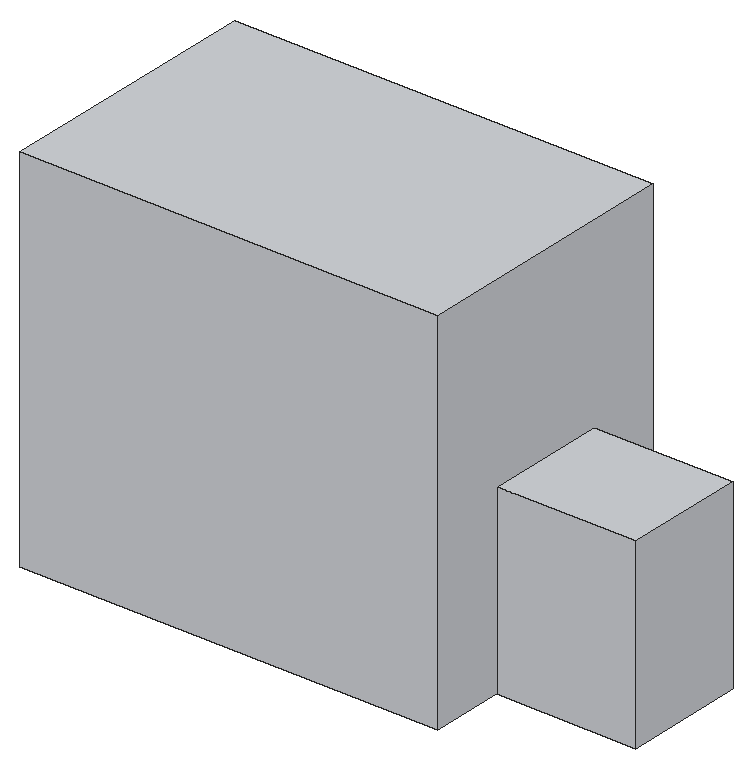
Revit family "Dumpster Caddy", category Generic Models, Revit 2019
Family settings
  Can host rebar = No
  Round Connector Dimension = Use Diameter
  Part Type = Normal
  Work Plane-Based = No
  Always vertical = Yes
  Cut with Voids When Loaded = No
  Shared = No
  Room Calculation Point = No
Parameters
  Material = none
Reference planes (in)
  plane 1 "Center (Front/Back)": y = 0
  plane 2: z = 0
  plane 3 "Center (Left/Right)": x = 0
  plane 4: y = 29
  plane 5: x = 45
  plane 6: y = 14.5
  plane 7: y = 21
  plane 8: y = 8
  plane 9: x = 60
Forms (in)
  Extrusion 1, solid, material <- "Material"
    sketch origin (0, 0, 0) x (1, 0, 0) y (0, 1, 0)
      loop
        line (0, 29) -> (0, 0) -> (45, 0) -> (45, 29) -> (0, 29)
    from 0 to 40
  Extrusion 2, solid, material <- "Material"
    sketch origin (43.67203, -5.36225, 0) x (1, 0, 0) y (0, 1, 0)
      loop
        line (1.32797, 26.36225) -> (1.32797, 13.36225) -> (16.32797, 13.36225) -> (16.32797, 26.36225) -> (1.32797, 26.36225)
    from 0 to 20
Dimensions and locks (in)
  plane 3 "Center (Left/Right)" to plane 5 = 3' - 9"
  plane 4 to plane 1 "Center (Front/Back)" = 2' - 5"
  equal spacing: plane 1 "Center (Front/Back)", plane 6, plane 4
  equal spacing: plane 7, plane 6, plane 8
  plane 7 to plane 8 = 1' - 1"
  plane 5 to plane 9 = 1' - 3"
  aligned and locked: plane 2 to level
  aligned and locked: Extrusion 1 sketch curve to plane 4
  aligned and locked: plane 3 "Center (Left/Right)" to Extrusion 1 sketch curve
  aligned and locked: Extrusion 1 sketch curve to plane 1 "Center (Front/Back)"
  aligned and locked: Extrusion 1 sketch curve to plane 5
  aligned and locked: plane 5 to Extrusion 2 sketch curve
  aligned and locked: Extrusion 2 sketch curve to plane 7
  aligned and locked: plane 8 to Extrusion 2 sketch curve
  aligned and locked: Extrusion 2 sketch curve to plane 9
